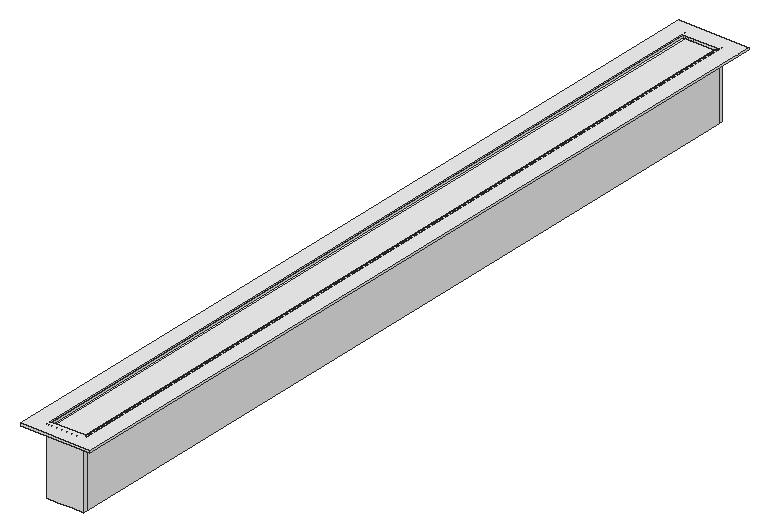
Revit family "EOS2.0-R-D", category Lighting Fixtures, host Face, Revit 2018
Family settings
  Host = Face
  Round Connector Dimension = Use Diameter
  Part Type = Normal
  Cut with Voids When Loaded = No
  Light Source = Yes
  Shared = Yes
  Room Calculation Point = Yes
Parameters (values of type "4' Direct")
  Wattage = 17.6471 W
  built-in parameter 1150110 = 1 (stored number, unit not read)
  Voltage = 0 V
  Type Comments = "LUX ILLUMINAIRE"
  Trim = yes
  built-in parameter 1114217 = 1 (stored number, unit not read)
  Tilt Angle = 90.00°
  built-in parameter 1150109 = 1 (stored number, unit not read)
  built-in parameter 1150134 = 12
  Switch Leg Visibility = no
  Switch Leg [instance] = ""
  built-in parameter 1150113 = 1 (stored number, unit not read)
  Photometric Web File = "EOS2.0 R-FT 375 4 40K 8.ies"
  Material [instance] = LUX ILLUMINAIRE White
  Manufacturer = ""
  built-in parameter 1150105 = 119.37 (stored number, unit not read)
  Lumens = 1500 lm
  built-in parameter 1150115 = 1 (stored number, unit not read)
  built-in parameter 1150137 = (empty or 0)
  built-in parameter 1150139 = (empty or 0)
  built-in parameter 1150112 = 1 (stored number, unit not read)
  built-in parameter 1150114 = 1 (stored number, unit not read)
  Lamp = "LED"
  built-in parameter 1150132 = 2
  built-in parameter 1150102 = (empty or 0)
  built-in parameter 1150107 = 4000 (stored number, unit not read)
  built-in parameter 1150138 = (empty or 0)
  built-in parameter 1150106 = 1.1937 (stored number, unit not read)
  Fixture Width = 0' - 2 1/4"  # constant formula
  Fixture Symbol Visiblity = yes
  Fixture Length = 4' - 0"
  Emit from Rectangle Width = Fixture Width - 0' 0 1/4"  # 0' - 2"
  Emit from Rectangle Length = Fixture Length  # 4' - 0"
  Emit Shape Visible in Rendering = yes
  Emergency Lighting [instance] = no
  built-in parameter 1150104 = 7.8968 (stored number, unit not read)
  Dimming Lamp Color Temperature Shift = <None>
  Default Elevation = 4' - 0"
  Color Filter = 16777215
  built-in parameter 1140040 [instance] = 1
  built-in parameter 1114218 = 1 (stored number, unit not read)
  built-in parameter 1150133 = 10 (stored number, unit not read)
  Apparent Load = 13.7 VA
Types (7): name | Wattage | Type Comments | Manufacturer | built-in parameter 1150105 | Lumens | built-in parameter 1150106 | Fixture Length | Emit from Rectangle Length | Apparent Load
  2' Direct | 8.82353 W | 0' - 0" | "LUX ILLUMINAIRE" | 59.683 (stored number, unit not read) | 750 lm | 0.59683 (stored number, unit not read) | 2' - 0" | 2' - 0" | 6.9 VA
  3' Direct | 13.2353 W | "LUX ILLUMINAIRE" | "" | 89.525 (stored number, unit not read) | 1125 lm | 0.89525 (stored number, unit not read) | 3' - 0" | 3' - 0" | 10.3 VA
  4' Direct | 17.6471 W | "LUX ILLUMINAIRE" | "" | 119.37 (stored number, unit not read) | 1500 lm | 1.1937 (stored number, unit not read) | 4' - 0" | 4' - 0" | 13.7 VA
  5' Direct | 22.0588 W | "LUX ILLUMINAIRE" | "" | 149.21 (stored number, unit not read) | 1875 lm | 1.4921 (stored number, unit not read) | 5' - 0" | 5' - 0" | 17.2 VA
  6' Direct | 26.4706 W | 0' - 0" | "LUX ILLUMINAIRE" | 179.05 (stored number, unit not read) | 2250 lm | 1.7905 (stored number, unit not read) | 6' - 0" | 6' - 0" | 20.6 VA
  7' Direct | 30.8824 W | 0' - 0" | "LUX ILLUMINAIRE" | 208.89 (stored number, unit not read) | 2625 lm | 2.0889 (stored number, unit not read) | 7' - 0" | 7' - 0" | 24 VA
  8' Direct | 35.2941 W | 0' - 0" | "LUX ILLUMINAIRE" | 238.73 (stored number, unit not read) | 3000 lm | 2.3873 (stored number, unit not read) | 8' - 0" | 8' - 0" | 27.4 VA
Reference planes (in)
  plane 1 "Center (Front/Back)": y = 0
  plane 2: z = 0
  plane 3 "Center (Left/Right)": x = 0
  plane 4: x = 1.125
  plane 5: x = -1.125
  plane 6: y = 24
  plane 7: y = -24
  plane 8: z = 0
  plane 9: y = 24.25
  plane 10: y = -24.25
  plane 11: z = -3.91797
Forms (in)
  Extrusion 1, solid, material "LUX ILLUMINAIRE White" <- "Material"
    sketch origin (0, 0, -20.03125) x (1, 0, 0) y (0, 0, 1)
      loop
        line (-1.12525, 16.11178) -> (-0.437, 16.11178) -> (0.438, 16.11178) -> (1.12626, 16.11178) -> (1.12626, 20.12626) -> (1.04127, 20.12626) -> (1.04127, 20.01325) -> (0.88928, 20.03122) -> (-0.8887, 20.03122) -> (-1.04026, 20.01325) -> (-1.04026, 20.12626) -> (-1.12525, 20.12626) -> (-1.12525, 16.11178)
    from -24 to 24
  Extrusion 2, solid, material "LUX ILLUMINAIRE White" <- "Material"
    sketch origin (0, 0, -20.03125) x (1, 0, 0) y (0, 0, 1)
      loop
        line (-1.12525, 20.12626) -> (-1.12525, 16.11178) -> (-0.437, 16.11178) -> (0.438, 16.11178) -> (1.12626, 16.11178) -> (1.12626, 20.12626) -> (-1.12525, 20.12626)
    from 24 to 24.25
  Extrusion 3, solid, not visible
    sketch origin (0, 0, 0) x (1, 0, 0) y (0, 1, 0)
      loop
        circle (0.00029, -24) r 0.1875
    from 0 to 1
  Extrusion 4, solid, not visible
    sketch origin (0, 0, 0) x (1, 0, 0) y (0, 1, 0)
      loop
        circle (0.0005, -24) r 0.03125
    from 1 to 13.33203
  Extrusion 5, solid, not visible
    sketch origin (0, 0, 0) x (1, 0, 0) y (0, 1, 0)
      loop
        circle (0.0005, -24) r 0.18729
    from 13.33203 to 14.08203
  Extrusion 6, solid, material "LUX ILLUMINAIRE White" <- "Material"
    sketch origin (0.00056, 24, -20.03125) x (1, 0, 0) y (0, 0, -1)
      loop
        line (-1.12556, -20.12626) -> (1.12444, -20.12626) -> (1.12444, -16.11178) -> (0.438, -16.11178) -> (-0.437, -16.11178) -> (-1.12556, -16.11178) -> (-1.12556, -20.12626)
    from 0 to 0.25
  Extrusion 7, solid, material "LUX ILLUMINAIRE White" <- "Material", visible <- "Trim"
    sketch origin (0, 0, 0) x (1, 0, 0) y (0, 1, 0)
      loop
        line (-2.125, 25) -> (-2.125, -25) -> (2.125, -25) -> (2.125, 25) -> (-2.125, 25)
      loop
        line (-1.125, 24) -> (-1.125, -24) -> (1.125, -24) -> (1.125, 24) -> (-1.125, 24)
    from 0 to 0.125
Lines and regions (in)
  symbolic lines, visible <- "Fixture Symbol Visiblity"
    curve 1: line (-1.125, 24, 0) -> (1.125, 24, 0)
    curve 2: line (-1.125, -24, 0) -> (-1.125, 24, 0)
    curve 3: line (1.125, -24, 0) -> (-1.125, -24, 0)
    curve 4: line (1.125, 24, 0) -> (1.125, -24, 0)
Dimensions and locks (in)
  plane 5 to plane 4 = 0' - 2 1/4"
  equal spacing: plane 7, plane 1 "Center (Front/Back)", plane 6
  "Fixture Length": plane 7 to plane 6
  plane 8 to host face = 0' - 0"
  locked: plane 6 to plane 9 at 0.25
  locked: plane 10 to plane 7 at 0.25
  Extrusion 6 to plane 8 to plane 11 = 0' - 0.09501" locked, 0' - 3 235/256" locked
  "Fixture Width": plane 4 to plane 5
  equal spacing: plane 4, plane 3 "Center (Left/Right)", plane 5
  locked: nested 2 to plane 10 at 9.5
  plane 11 to plane 8 = 0' - 3 235/256"
  Extrusion 7 sketch curve to Extrusion 7 sketch curve = 0' - 1"  (x3)
  Extrusion 2 to Extrusion 7 sketch curve = 0' - 1"
  aligned and locked: plane 2 to host face
  aligned and locked: level to host face
  aligned and locked: Extrusion 6 to plane 5
  aligned and locked: plane 4 to Extrusion 6
  aligned and locked: plane 6 to Extrusion 6
  aligned and locked: Extrusion 1 to plane 6
  aligned and locked: plane 10 to Extrusion 2
  aligned and locked: Extrusion 2 to plane 7
  aligned and locked: plane 7 to Extrusion 1
  aligned and locked: Extrusion 6 to plane 9
  aligned and locked: plane 7 to nested 1
  aligned and locked: plane 6 to curve 1
  aligned and locked: plane 5 to curve 2
  aligned and locked: curve 3 to plane 7
  aligned and locked: curve 4 to plane 4
  aligned and locked: nested 1 to plane 6
  aligned and locked: Extrusion 7 sketch curve to plane 4
  aligned and locked: Extrusion 7 sketch curve to plane 7
  aligned and locked: plane 5 to Extrusion 7 sketch curve
  aligned and locked: plane 6 to Extrusion 7 sketch curve
Automatic sketch dimensions
  host sketch curve to host sketch curve = 8' - 0"  (x2)
  Extrusion 1 sketch curve to plane 5 = 0' - 0.00025"
  plane 5 to Extrusion 1 sketch curve = 0' - 0.08474"  (x2)
  Extrusion 1 sketch curve to plane 8 = 0' - 0.018"  (x2)
  Extrusion 1 sketch curve to plane 8 = 0' - 0.00003"  (x2)
  Extrusion 1 sketch curve to Extrusion 1 sketch curve = 0' - 0.15157"
  Extrusion 1 sketch curve to plane 11 = 0' - 0.0015"
  Extrusion 1 sketch curve to plane 3 "Center (Left/Right)" = 0' - 0.437"
  plane 3 "Center (Left/Right)" to Extrusion 1 sketch curve = 0' - 0.438"
  Extrusion 1 sketch curve to plane 4 = 0' - 0.23572"
  Extrusion 1 sketch curve to plane 4 = 0' - 0.08373"  (x2)
  plane 4 to Extrusion 1 sketch curve = 0' - 0.00126"
  plane 8 to Extrusion 1 sketch curve = 0' - 0.09501"  (x2)
  Extrusion 1 sketch curve to Extrusion 1 sketch curve = 0' - 0"  (x2)
  Extrusion 2 sketch curve to plane 5 = 0' - 0.00025"
  Extrusion 2 sketch curve to plane 11 = 0' - 0.0015"
  Extrusion 2 sketch curve to plane 3 "Center (Left/Right)" = 0' - 0.437"
  plane 3 "Center (Left/Right)" to Extrusion 2 sketch curve = 0' - 0.438"
  plane 4 to Extrusion 2 sketch curve = 0' - 0.00126"
  plane 8 to Extrusion 2 sketch curve = 0' - 0.09501"
  plane 5 to Extrusion 6 sketch curve = 0' - 0"
  Extrusion 6 sketch curve to plane 11 = 0' - 0.0015"
  Extrusion 6 sketch curve to plane 3 "Center (Left/Right)" = 0' - 0.43644"
  plane 3 "Center (Left/Right)" to Extrusion 6 sketch curve = 0' - 0.43856"
  plane 4 to Extrusion 6 sketch curve = 0' - 0"
  plane 8 to Extrusion 6 sketch curve = 0' - 0.09501"
  radius of Extrusion 3 sketch curve = 0' - 0 3/16"
  radius of Extrusion 4 sketch curve = 0' - 0 1/32"
  radius of Extrusion 5 sketch curve = 0' - 0.18729"
Nested families (in)
  nested 1: "Emergency Symbol Rectangle" at (-10.7701, 0, 0) x (0, 1, 0) z (0, 0, 1), visible <- "Emergency Lighting", type "Emergency Symbol Rectangle"
    with Width 0' - 8.29019", Length 4' - 0"
  nested 2: "Switch Leg Annotation" at (9.99627, -14.75, 0) x (0, 1, 0) z (0, 0, 1), visible <- "Switch Leg Visibility", Switch Leg Annotation <- "Switch Leg", type "Switch Leg Annotation"
    with Switch Leg Annotation ""
Connectors (in)
  electrical at (-0.78113, 0, -3.91947), driven by "Apparent Load", driven by "Voltage"
    settings: on Extrusion 1, index 1, voltage 0 V, apparent load 0 VA, apparent load phase1 13.7 VA, apparent load phase2 0 VA, apparent load phase3 0 VA, power factor 1, load classification "Other", number of poles 1, system type 31, power factor state 1, is connector primary yes, connector utility no, sub classification motor no, connector description ""
Definition of nested family "Emergency Symbol Rectangle"
  Parameters (values of type "Emergency Symbol Rectangle")
    Width [instance] = 0' - 8 1/2"
    Length [instance] = 5' - 0"
    Emergency Visibility = no
  Reference planes (in)
    plane 1 "Center (Front/Back)": y = -7.75
    plane 2: z = 0
    plane 3 "Center (Left/Right)": x = -24
    plane 4: x = 24
    plane 5: x = -36
    plane 6: y = -3.5
    plane 7: y = -12
  Lines and regions (in)
    Filled region 1, type "Solid Fill - Black", in view "Ref. Level", detail levels coarse+medium
      outline origin (0, 0.25, 0) x (1, 0, 0) y (0, 1, 0)
        loop
          line (-36, -12.25) -> (24, -12.25) -> (-36, -10.125) -> (-36, -12.25)
  Dimensions and locks (in)
    equal spacing: plane 7, plane 1 "Center (Front/Back)", plane 6
    "Width": plane 7 to plane 6
    "Length": plane 5 to plane 4
    aligned and locked: plane 5 to Filled region 1
  Automatic sketch dimensions
    plane 1 "Center (Front/Back)" to Filled region 1 sketch curve = 0' - 2 1/8"
    Filled region 1 sketch curve to plane 3 "Center (Left/Right)" = 1' - 0"
    Filled region 1 sketch curve to plane 4 = 0' - 0"
    Filled region 1 sketch curve to plane 7 = 0' - 0"
Definition of nested family "Switch Leg Annotation"
  Parameters (values of type "Switch Leg Annotation")
    Switch Leg Annotation [instance] = ""
  Reference planes (in)
    plane 1: y = 0
    plane 2: x = 0
  Text (in)
    label "a" at (0.00527, 0.01239, 0), shows "Switch Leg Annotation"
